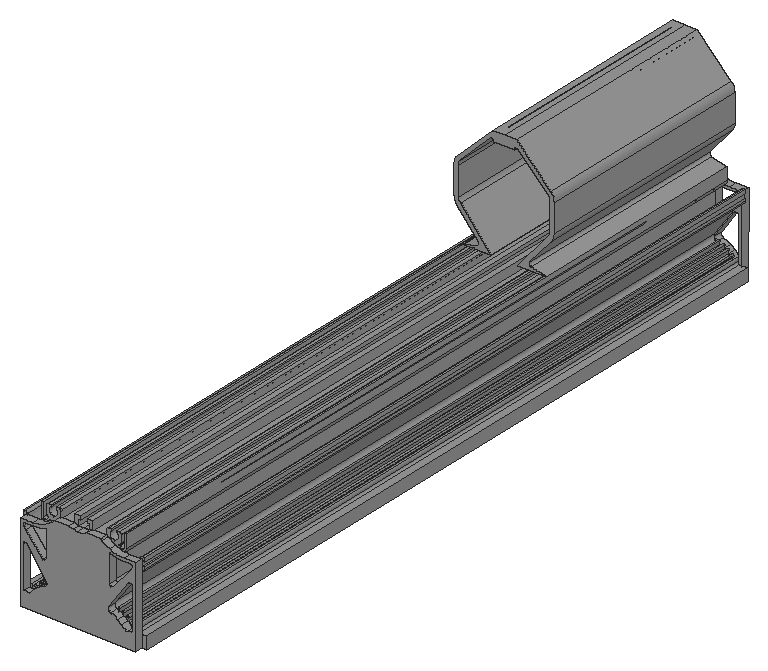
Revit family "L-street 24 Standart", category Осветительные приборы, Revit 2017 (continued)
Types (7, lengths in mm): name | built-in parameter 1150134 | Файл фотометрической сетки | built-in parameter 1150105 | Lumens | built-in parameter 1150106 | built-in parameter 1150142 | Wattage | built-in parameter 1150107 | Артикул
  L-street 24 Standart 5.0K Ш8 | 12 | "L-street 24-32-LLI8-5.0K-01 Standart.ies" | 340.19 (stored number, unit not read) | 4275 lm | 3.4019 (stored number, unit not read) | "IESNA:LM-63-1995\r\n[TEST]LEDEL\r\n[DATA]28.11.2018\r\n[MANUFAC]LEDEL\r\n[LUMCAT]L-street 24/32/Ш8/5.0К/01 Standart\r\n[LUMINAIRE]Для освещения городских улиц, придомовых территорий, парков и пр\r\n[LAMPCAT]LED \r\n[LAMP]OSRAM OSLON SQUARE\r\nTILT=NONE\r\n\r\n1 4275 1 73 145 1 2 0.533 0.083 0.148\r\n1 1 32\r\n0 2.5 5 7.5 10 12.5 15 17.5 20 22.5 25 27.5 30 32.5 35 37.5 40 42.5 45 47.5 50 52.5 55 57.5 60 62.5 65 67.5 70 72.5 75 77.5 80 82.5\r\n 85 87.5 90 92.5 95 97.5 100 102.5 105 107.5 110 112.5 115 117.5 120 122.5 125 127.5 130 132.5 135 137.5 140 142.5 145 147.5 150 \r\n152.5 155 157.5 160 162.5 165 167.5 170 172.5 175 177.5 180\r\n0 2.5 5 7.5 10 12.5 15 17.5 20 22.5 25 27.5 30 32.5 35 37.5 40 42.5 45 47.5 50 52.5 55 57.5 60 62.5 65 67.5 70 72.5 75 77.5 80 82.5\r\n 85 87.5 90 92.5 95 97.5 100 102.5 105 107.5 110 112.5 115 117.5 120 122.5 125 127.5 130 132.5 135 137.5 140 142.5 145 147.5 150 \r\n152.5 155 157.5 160 162.5 165 167.5 170 172.5 175 177.5 180 182.5 185 187.5 190 192.5 195 197.5 200 202.5 205 207.5 210 212.5 215 \r\n217.5 220 222.5 225 227.5 230 232.5 235 237.5 240 242.5 245 247.5 250 252.5 255 257.5 260 262.5 265 267.5 270 272.5 275 277.5 280 \r\n282.5 285 287.5 290 292.5 295 297.5 300 302.5 305 307.5 310 312.5 315 317.5 320 322.5 325 327.5 330 332.5 335 337.5 340 342.5 345 \r\n347.5 350 352.5 355 357.5 360\r\n1229.747 1265.943 1265.943 1269.953 1280.837 1295.157 1310.051 1326.09 1342.702 1358.741 1375.353 1389.673 1401.13 1410.295 \r\n1412.014 1410.868 1409.722 1409.15 1406.285 1400.557 1392.538 1384.518 1371.916 1353.013 1328.954 1299.74 1233.865 1099.251 866.111\r\n 402.696 123.157 55.564 61.292 69.885 69.312 64.156 51.554 0.00 0.00 0.00 0.00 0.00 0.00 0.00 0.00 0.00 0.00 0.00 0.00 0.00 0.00 \r\n0.00 0.00 0.00 0.00 0.00 0.00 0.00 0.00 0.00 0.00 0.00 0.00 0.00 0.00 0.00 0.00 0.00 0.00 0.00 0.00 0.00 0.00\r\n1229.747 1267.948 1272.817 1280.264 1292.007 1306.328 1321.794 1337.26 1352.154 1365.329 1378.217 1388.241 1393.97 1398.552 \r\n1398.839 1397.693 1397.12 1397.121 1394.829 1390.246 1381.654 1371.057 1358.741 1340.697 1303.177 1218.972 1048.27 788.494 505.805 \r\n238.295 92.511 55.278 54.132 54.705 49.836 42.103 34.083 0.00 0.00 0.00 0.00 0.00 0.00 0.00 0.00 0.00 0.00 0.00 0.00 0.00 0.00 0.00\r\n 0.00 0.00 0.00 0.00 0.00 0.00 0.00 0.00 0.00 0.00 0.00 0.00 0.00 0.00 0.00 0.00 0.00 0.00 0.00 0.00 0.00\r\n1229.747 1269.953 1279.691 1290.575 1303.177 1317.498 1333.537 1348.43 1361.605 1371.916 1381.081 1386.809 1386.809 1386.809 \r\n1385.664 1384.518 1384.518 1385.091 1383.372 1379.935 1370.77 1357.595 1345.566 1328.381 1277.40 1138.203 862.674 477.736 145.498 \r\n73.894 61.865 54.991 46.972 39.525 30.36 20.049 16.612 0.00 0.00 0.00 0.00 0.00 0.00 0.00 0.00 0.00 0.00 0.00 0.00 0.00 0.00 0.00 \r\n0.00 0.00 0.00 0.00 0.00 0.00 0.00 0.00 0.00 0.00 0.00 0.00 0.00 0.00 0.00 0.00 0.00 0.00 0.00 0.00 0.00\r\n1229.747 1266.23 1273.677 1282.842 1293.439 1305.469 1319.216 1331.246 1341.843 1349.862 1356.736 1359.887 1358.168 1357.023 \r\n1355.018 1353.586 1353.586 1354.445 1355.59 1354.445 1348.43 1340.697 1336.687 1328.668 1284.274 1142.213 854.369 458.547 134.901 \r\n72.176 60.72 53.273 46.113 38.093 28.642 19.19 16.612 0.00 0.00 0.00 0.00 0.00 0.00 0.00 0.00 0.00 0.00 0.00 0.00 0.00 0.00 0.00 \r\n0.00 0.00 0.00 0.00 0.00 0.00 0.00 0.00 0.00 0.00 0.00 0.00 0.00 0.00 0.00 0.00 0.00 0.00 0.00 0.00 0.00\r\n1229.747 1262.506 1267.662 1275.108 1283.701 1293.439 1304.895 1314.061 1322.08 1327.808 1332.391 1332.964 1329.527 1327.236 \r\n1324.371 1322.653 1322.653 1323.799 1327.808 1328.954 1326.09 1323.799 1327.808 1328.954 1291.148 1146.223 846.063 439.357 124.303 \r\n70.457 59.574 51.554 45.253 36.661 26.923 18.33 16.612 0.00 0.00 0.00 0.00 0.00 0.00 0.00 0.00 0.00 0.00 0.00 0.00 0.00 0.00 0.00 \r\n0.00 0.00 0.00 0.00 0.00 0.00 0.00 0.00 0.00 0.00 0.00 0.00 0.00 0.00 0.00 0.00 0.00 0.00 0.00 0.00 0.00\r\n1229.747 1257.637 1261.361 1266.516 1272.531 1280.264 1289.143 1295.444 1300.886 1304.609 1306.901 1305.755 1300.60 1296.017 \r\n1291.148 1288.57 1288.857 1292.007 1298.594 1302.604 1304.896 1308.906 1318.643 1318.93 1268.808 1102.402 785.916 389.808 112.56 \r\n67.593 57.283 49.549 43.248 35.229 26.064 18.044 16.326 0.00 0.00 0.00 0.00 0.00 0.00 0.00 0.00 0.00 0.00 0.00 0.00 0.00 0.00 0.00 \r\n0.00 0.00 0.00 0.00 0.00 0.00 0.00 0.00 0.00 0.00 0.00 0.00 0.00 0.00 0.00 0.00 0.00 0.00 0.00 0.00 0.00\r\n1229.747 1252.768 1255.06 1257.924 1261.361 1267.089 1273.39 1276.827 1279.691 1281.41 1281.41 1278.545 1271.672 1264.798 1257.924 \r\n1254.487 1255.06 1260.215 1269.38 1276.254 1283.701 1294.012 1309.478 1308.905 1246.467 1058.581 725.769 340.258 100.817 64.729 \r\n54.991 47.544 41.243 33.797 25.204 17.758 16.039 0.00 0.00 0.00 0.00 0.00 0.00 0.00 0.00 0.00 0.00 0.00 0.00 0.00 0.00 0.00 0.00 \r\n0.00 0.00 0.00 0.00 0.00 0.00 0.00 0.00 0.00 0.00 0.00 0.00 0.00 0.00 0.00 0.00 0.00 0.00 0.00 0.00\r\n1229.747 1249.331 1249.045 1250.191 1251.337 1254.773 1258.21 1259.07 1258.783 1258.211 1255.919 1251.05 1241.885 1231.861 1222.982\r\n 1218.686 1219.258 1224.987 1234.438 1244.176 1253.628 1263.08 1269.953 1253.914 1167.99 960.914 634.977 295.292 96.235 62.438 \r\n52.414 45.253 39.239 32.651 24.918 17.758 16.039 0.00 0.00 0.00 0.00 0.00 0.00 0.00 0.00 0.00 0.00 0.00 0.00 0.00 0.00 0.00 0.00 \r\n0.00 0.00 0.00 0.00 0.00 0.00 0.00 0.00 0.00 0.00 0.00 0.00 0.00 0.00 0.00 0.00 0.00 0.00 0.00 0.00\r\n1229.747 1245.894 1243.03 1242.457 1241.312 1242.457 1243.03 1241.312 1237.875 1235.011 1230.428 1223.554 1212.098 1198.923 \r\n1188.039 1182.884 1183.456 1189.758 1199.496 1212.098 1223.554 1232.147 1230.428 1198.923 1089.513 863.247 544.184 250.325 91.652 \r\n60.147 49.836 42.962 37.234 31.505 24.631 17.758 16.039 0.00 0.00 0.00 0.00 0.00 0.00 0.00 0.00 0.00 0.00 0.00 0.00 0.00 0.00 0.00 \r\n0.00 0.00 0.00 0.00 0.00 0.00 0.00 0.00 0.00 0.00 0.00 0.00 0.00 0.00 0.00 0.00 0.00 0.00 0.00 0.00 0.00\r\n1229.747 1241.598 1237.016 1234.724 1231.574 1229.855 1227.851 1224.127 1218.113 1212.385 1205.797 1196.345 1182.311 1167.418 \r\n1155.102 1147.369 1145.364 1148.515 1154.816 1161.403 1164.553 1159.971 1138.49 1083.212 961.773 750.974 469.43 221.97 92.511 \r\n59.288 48.118 41.53 36.088 30.646 23.199 17.185 16.039 0.00 0.00 0.00 0.00 0.00 0.00 0.00 0.00 0.00 0.00 0.00 0.00 0.00 0.00 0.00 \r\n0.00 0.00 0.00 0.00 0.00 0.00 0.00 0.00 0.00 0.00 0.00 0.00 0.00 0.00 0.00 0.00 0.00 0.00 0.00 0.00 0.00\r\n1229.747 1237.302 1231.001 1226.991 1221.836 1217.253 1212.671 1206.942 1198.35 1189.758 1181.165 1169.136 1152.524 1135.912 \r\n1122.164 1111.853 1107.271 1107.271 1110.135 1110.708 1105.552 1087.795 1046.551 967.501 834.033 638.70 394.676 193.615 93.37 \r\n58.428 46.399 40.098 34.942 29.787 21.767 16.612 16.039 0.00 0.00 0.00 0.00 0.00 0.00 0.00 0.00 0.00 0.00 0.00 0.00 0.00 0.00 0.00 \r\n0.00 0.00 0.00 0.00 0.00 0.00 0.00 0.00 0.00 0.00 0.00 0.00 0.00 0.00 0.00 0.00 0.00 0.00 0.00 0.00 0.00\r\n1229.747 1232.433 1224.70 1218.113 1210.38 1203.506 1196.346 1188.326 1178.015 1166.845 1154.529 1139.636 1121.878 1102.688 \r\n1086.649 1073.188 1063.45 1055.717 1046.838 1031.658 1005.022 960.055 891.316 796.227 667.055 499.79 311.044 161.537 84.492 54.132 \r\n43.821 37.52 32.651 27.209 20.622 16.326 15.466 0.00 0.00 0.00 0.00 0.00 0.00 0.00 0.00 0.00 0.00 0.00 0.00 0.00 0.00 0.00 0.00 \r\n0.00 0.00 0.00 0.00 0.00 0.00 0.00 0.00 0.00 0.00 0.00 0.00 0.00 0.00 0.00 0.00 0.00 0.00 0.00 0.00\r\n1229.747 1227.564 1218.399 1209.234 1198.923 1189.758 1180.02 1169.709 1157.679 1143.932 1127.892 1110.135 1091.232 1069.464 \r\n1051.134 1034.522 1019.629 1004.162 983.541 952.608 904.491 832.315 736.08 624.952 500.076 360.88 227.412 129.458 75.613 49.836 \r\n41.243 34.942 30.36 24.631 19.476 16.039 14.893 0.00 0.00 0.00 0.00 0.00 0.00 0.00 0.00 0.00 0.00 0.00 0.00 0.00 0.00 0.00 0.00 \r\n0.00 0.00 0.00 0.00 0.00 0.00 0.00 0.00 0.00 0.00 0.00 0.00 0.00 0.00 0.00 0.00 0.00 0.00 0.00 0.00\r\n1229.747 1223.554 1212.671 1201.787 1188.899 1176.869 1165.127 1152.524 1138.776 1122.738 1104.407 1084.931 1064.882 1041.396 \r\n1018.197 995.284 971.798 946.307 913.084 866.112 800.523 717.75 625.525 527.858 424.75 321.069 219.106 128.026 73.035 48.69 39.811 \r\n33.51 28.642 23.772 18.617 15.466 14.607 0.00 0.00 0.00 0.00 0.00 0.00 0.00 0.00 0.00 0.00 0.00 0.00 0.00 0.00 0.00 0.00 0.00 0.00 \r\n0.00 0.00 0.00 0.00 0.00 0.00 0.00 0.00 0.00 0.00 0.00 0.00 0.00 0.00 0.00 0.00 0.00 0.00\r\n1229.747 1219.544 1206.942 1194.34 1178.874 1163.98 1150.233 1135.339 1119.873 1101.543 1080.921 1059.726 1038.532 1013.327 985.259\r\n 956.045 923.967 888.452 842.626 779.615 696.555 603.185 514.97 430.764 349.423 281.257 210.80 126.594 70.457 47.544 38.379 32.078 \r\n26.923 22.913 17.758 14.893 14.321 0.00 0.00 0.00 0.00 0.00 0.00 0.00 0.00 0.00 0.00 0.00 0.00 0.00 0.00 0.00 0.00 0.00 0.00 0.00 \r\n0.00 0.00 0.00 0.00 0.00 0.00 0.00 0.00 0.00 0.00 0.00 0.00 0.00 0.00 0.00 0.00 0.00\r\n1229.747 1215.821 1201.787 1186.894 1169.709 1153.097 1137.631 1121.305 1103.834 1084.072 1062.591 1039.964 1016.765 988.696 \r\n956.618 921.676 884.442 841.194 785.344 711.449 623.52 535.592 453.964 377.778 313.049 266.937 211.946 132.036 70.457 47.258 37.52 \r\n31.219 26.637 22.34 17.758 14.893 13.748 0.00 0.00 0.00 0.00 0.00 0.00 0.00 0.00 0.00 0.00 0.00 0.00 0.00 0.00 0.00 0.00 0.00 0.00 \r\n0.00 0.00 0.00 0.00 0.00 0.00 0.00 0.00 0.00 0.00 0.00 0.00 0.00 0.00 0.00 0.00 0.00 0.00\r\n1229.747 1212.098 1196.631 1179.447 1160.543 1142.213 1125.028 1107.271 1087.795 1066.60 1044.26 1020.201 994.997 964.064 927.977 \r\n887.306 844.917 793.935 728.061 643.282 550.485 467.998 392.958 324.792 276.674 252.616 213.091 137.478 70.457 46.972 36.661 30.36 \r\n26.35 21.767 17.758 14.893 13.175 0.00 0.00 0.00 0.00 0.00 0.00 0.00 0.00 0.00 0.00 0.00 0.00 0.00 0.00 0.00 0.00 0.00 0.00 0.00 \r\n0.00 0.00 0.00 0.00 0.00 0.00 0.00 0.00 0.00 0.00 0.00 0.00 0.00 0.00 0.00 0.00 0.00\r\n1229.747 1209.234 1191.476 1172.573 1151.665 1131.33 1112.14 1093.237 1072.329 1050.275 1026.789 1001.012 973.23 938.86 897.904 \r\n852.65 805.965 748.969 673.929 585.714 499.217 423.318 353.147 291.855 255.194 240.30 209.081 144.352 78.191 47.831 36.375 30.074 \r\n25.777 21.481 17.185 14.034 13.175 0.00 0.00 0.00 0.00 0.00 0.00 0.00 0.00 0.00 0.00 0.00 0.00 0.00 0.00 0.00 0.00 0.00 0.00 0.00 \r\n0.00 0.00 0.00 0.00 0.00 0.00 0.00 0.00 0.00 0.00 0.00 0.00 0.00 0.00 0.00 0.00 0.00\r\n1229.747 1206.369 1186.321 1165.699 1142.786 1120.446 1099.251 1079.202 1056.862 1033.949 1009.318 981.822 951.462 913.656 867.83 \r\n817.994 767.013 704.002 619.797 528.145 447.949 378.637 313.335 258.917 233.713 227.984 205.071 151.226 85.924 48.69 36.088 29.787 \r\n25.204 21.195 16.612 13.175 13.175 0.00 0.00 0.00 0.00 0.00 0.00 0.00 0.00 0.00 0.00 0.00 0.00 0.00 0.00 0.00 0.00 0.00 0.00 0.00 \r\n0.00 0.00 0.00 0.00 0.00 0.00 0.00 0.00 0.00 0.00 0.00 0.00 0.00 0.00 0.00 0.00 0.00\r\n1229.747 1201.50 1179.161 1156.248 1132.189 1108.703 1086.649 1064.882 1041.11 1017.051 990.701 960.914 926.545 885.301 836.611 \r\n782.479 723.478 649.87 562.801 477.736 404.128 338.826 279.825 236.577 217.388 209.081 184.45 138.624 85.065 48.977 34.656 28.069 \r\n23.486 19.477 16.039 13.175 12.889 0.00 0.00 0.00 0.00 0.00 0.00 0.00 0.00 0.00 0.00 0.00 0.00 0.00 0.00 0.00 0.00 0.00 0.00 0.00 \r\n0.00 0.00 0.00 0.00 0.00 0.00 0.00 0.00 0.00 0.00 0.00 0.00 0.00 0.00 0.00 0.00 0.00\r\n1229.747 1196.631 1172.00 1146.796 1121.591 1096.96 1074.047 1050.561 1025.357 1000.152 972.084 940.006 901.627 856.946 805.392 \r\n746.964 679.943 595.738 505.804 427.327 360.307 299.015 246.315 214.237 201.062 190.178 163.828 126.022 84.205 49.263 33.224 26.35 \r\n21.767 17.758 15.466 13.175 12.602 0.00 0.00 0.00 0.00 0.00 0.00 0.00 0.00 0.00 0.00 0.00 0.00 0.00 0.00 0.00 0.00 0.00 0.00 0.00 \r\n0.00 0.00 0.00 0.00 0.00 0.00 0.00 0.00 0.00 0.00 0.00 0.00 0.00 0.00 0.00 0.00 0.00\r\n1229.747 1192.335 1165.699 1139.349 1112.713 1087.795 1063.736 1039.678 1013.901 987.837 958.05 923.108 881.865 834.606 781.047 \r\n719.755 645.86 559.077 473.44 399.832 335.389 277.248 229.13 201.062 187.887 174.998 150.08 117.43 82.201 50.982 33.797 25.491 \r\n20.908 17.185 15.18 12.889 12.602 0.00 0.00 0.00 0.00 0.00 0.00 0.00 0.00 0.00 0.00 0.00 0.00 0.00 0.00 0.00 0.00 0.00 0.00 0.00 \r\n0.00 0.00 0.00 0.00 0.00 0.00 0.00 0.00 0.00 0.00 0.00 0.00 0.00 0.00 0.00 0.00 0.00\r\n1229.747 1188.039 1159.398 1131.902 1103.834 1078.63 1053.425 1028.794 1002.444 975.521 944.016 906.209 862.102 812.266 756.702 \r\n692.545 611.777 522.416 441.075 372.336 310.471 255.48 211.945 187.887 174.712 159.818 136.332 108.837 80.196 52.70 34.37 24.631 \r\n20.049 16.612 14.893 12.602 12.602 0.00 0.00 0.00 0.00 0.00 0.00 0.00 0.00 0.00 0.00 0.00 0.00 0.00 0.00 0.00 0.00 0.00 0.00 0.00 \r\n0.00 0.00 0.00 0.00 0.00 0.00 0.00 0.00 0.00 0.00 0.00 0.00 0.00 0.00 0.00 0.00 0.00\r\n1229.747 1185.462 1155.102 1125.888 1096.96 1070.897 1045.406 1019.915 992.993 964.351 931.414 891.602 845.777 795.081 737.226 \r\n666.196 581.418 495.207 419.308 353.433 293.573 241.446 201.348 179.008 164.401 148.075 126.594 101.963 77.332 52.70 34.943 24.631 \r\n19.19 16.326 14.034 12.602 12.602 0.00 0.00 0.00 0.00 0.00 0.00 0.00 0.00 0.00 0.00 0.00 0.00 0.00 0.00 0.00 0.00 0.00 0.00 0.00 \r\n0.00 0.00 0.00 0.00 0.00 0.00 0.00 0.00 0.00 0.00 0.00 0.00 0.00 0.00 0.00 0.00 0.00\r\n1229.747 1182.884 1150.805 1119.873 1090.086 1063.163 1037.386 1011.036 983.541 953.181 918.811 876.995 829.451 777.896 717.75 \r\n639.846 551.058 467.998 397.541 334.53 276.674 227.412 190.751 170.129 154.09 136.332 116.856 95.089 74.467 52.70 35.515 24.631 \r\n18.33 16.039 13.175 12.602 12.602 0.00 0.00 0.00 0.00 0.00 0.00 0.00 0.00 0.00 0.00 0.00 0.00 0.00 0.00 0.00 0.00 0.00 0.00 0.00 \r\n0.00 0.00 0.00 0.00 0.00 0.00 0.00 0.00 0.00 0.00 0.00 0.00 0.00 0.00 0.00 0.00 0.00\r\n1229.747 1182.598 1149.087 1117.295 1086.649 1058.867 1033.09 1006.454 978.672 948.026 912.797 870.121 822.864 774.173 714.313 \r\n631.826 540.747 459.979 392.099 331.093 274.67 224.261 188.46 168.984 153.231 135.187 115.997 96.235 77.045 56.424 38.952 27.209 \r\n19.763 16.326 13.748 12.602 12.602 0.00 0.00 0.00 0.00 0.00 0.00 0.00 0.00 0.00 0.00 0.00 0.00 0.00 0.00 0.00 0.00 0.00 0.00 0.00 \r\n0.00 0.00 0.00 0.00 0.00 0.00 0.00 0.00 0.00 0.00 0.00 0.00 0.00 0.00 0.00 0.00 0.00\r\n1229.747 1182.311 1147.369 1114.717 1083.212 1054.571 1028.794 1001.871 973.803 942.87 906.782 863.247 816.276 770.45 710.876 \r\n623.806 530.436 451.959 386.657 327.656 272.665 221.11 186.168 167.838 152.371 134.041 115.138 97.38 79.623 60.147 42.389 29.787 \r\n21.195 16.612 14.321 12.602 12.602 0.00 0.00 0.00 0.00 0.00 0.00 0.00 0.00 0.00 0.00 0.00 0.00 0.00 0.00 0.00 0.00 0.00 0.00 0.00 \r\n0.00 0.00 0.00 0.00 0.00 0.00 0.00 0.00 0.00 0.00 0.00 0.00 0.00 0.00 0.00 0.00 0.00\r\n1229.747 1174.005 1139.063 1105.266 1073.761 1045.979 1019.343 991.56 962.06 929.409 892.175 849.213 803.674 754.984 685.672 \r\n593.447 503.513 429.333 366.322 308.18 255.194 208.795 179.008 162.11 144.925 126.022 106.259 87.07 69.312 52.414 38.38 27.782 \r\n19.763 15.753 13.462 12.03 12.03 0.00 0.00 0.00 0.00 0.00 0.00 0.00 0.00 0.00 0.00 0.00 0.00 0.00 0.00 0.00 0.00 0.00 0.00 0.00 \r\n0.00 0.00 0.00 0.00 0.00 0.00 0.00 0.00 0.00 0.00 0.00 0.00 0.00 0.00 0.00 0.00 0.00\r\n1229.747 1165.699 1130.757 1095.814 1064.309 1037.386 1009.891 981.249 950.317 915.947 877.568 835.179 791.071 739.517 660.467 \r\n563.087 476.59 406.706 345.986 288.704 237.722 196.479 171.848 156.381 137.478 118.002 97.38 76.759 59.001 44.68 34.37 25.777 18.33\r\n 14.893 12.602 11.457 11.457 0.00 0.00 0.00 0.00 0.00 0.00 0.00 0.00 0.00 0.00 0.00 0.00 0.00 0.00 0.00 0.00 0.00 0.00 0.00 0.00 \r\n0.00 0.00 0.00 0.00 0.00 0.00 0.00 0.00 0.00 0.00 0.00 0.00 0.00 0.00 0.00 0.00\r\n1229.747 1166.272 1130.184 1094.096 1061.731 1034.522 1007.313 978.385 946.594 911.938 872.699 829.737 786.202 733.503 651.016 \r\n553.922 469.717 400.405 341.117 284.122 233.426 193.329 170.989 155.809 136.905 115.997 94.803 74.181 57.283 4
